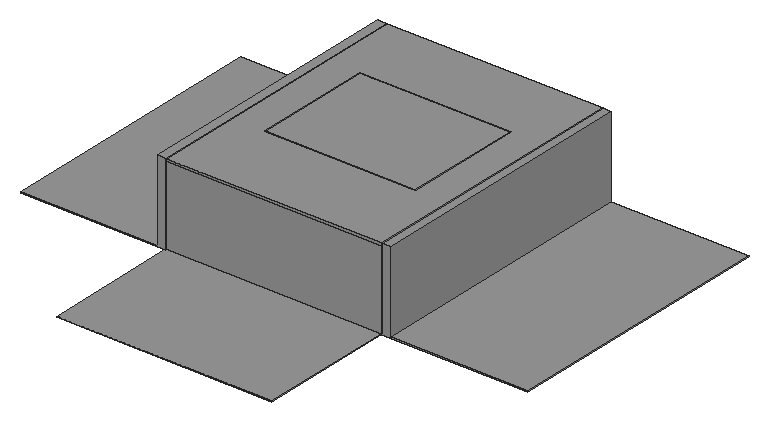
Revit family "OKA-G Anbaueinheit für GES6, Höhe 40-140mm", category Generic Models, Revit 2015
Parameters (values of type "OKA-G A 401406")
  Width = 400 mm
  URL = "http://www.obo-bettermann.com"
  Material = Steel, Galvanized
  Manufacturer Art. No. = "7424004"
  Manufacturer = "OBO Bettermann"
  Length = 473 mm
  HeightCalc [instance] = if(Height < 40 mm, 40 mm, (if(Height > 140 mm, 140 mm, Height)))  # 140 mm
  Height [instance] = 500 mm
  GTIN = "4012195242949"
  Article Type = "OKA-G40040140"
Reference planes
  plane 1 "Center (Front/Back)": y = 0
  plane 2: z = 0
  plane 3 "Center (Left/Right)": x = 0
  plane 4: z = 140
  plane 5: y = -473
  plane 6: x = 200
  plane 7: x = -200
Forms (mm)
  Extrusion 1, solid, material "Aluminum 6061"
    sketch origin (0, 0, 0) x (1, 0, 0) y (0, 0, 1)
      loop
        line (185, 140) -> (185, 0) -> (435, 0) -> (435, 1) -> (200, 1) -> (200, 140) -> (185, 140)
      loop
        line (-200, 1) -> (-435, 1) -> (-435, 0) -> (-185, 0) -> (-185, 140) -> (-200, 140) -> (-200, 1)
    from 0 to 473
  Extrusion 2, solid, material "Steel, Galvanized" <- "Material"
    sketch origin (0, 0, 0) x (1, 0, 0) y (0, 0, 1)
      loop
        line (185, 136) -> (185, 140) -> (-185, 140) -> (-185, 136) -> (185, 136)
    from 0 to 473
  Extrusion 3, solid, material "Aluminum 6061"
    sketch origin (0, 0, 0) x (0, 1, 0) y (0, 0, 1)
      loop
        line (-473, 136) -> (-473, 1) -> (-708, 1) -> (-708, 0) -> (-458, 0) -> (-458, 136) -> (-473, 136)
    from -185 to 185
  Extrusion 4, void
    sketch origin (0, 0, 0) x (1, 0, 0) y (0, 1, 0)
      loop
        line (-129.1, -127.5) -> (-129.1, -331.5) -> (129.1, -331.5) -> (129.1, -127.5) -> (-129.1, -127.5)
    from 0 to 250
  Extrusion 5, solid, material "Steel, Galvanized"
    sketch origin (0, 0, 0) x (1, 0, 0) y (0, 1, 0)
      loop
        line (-129.1, -127.5) -> (-129.1, -331.5) -> (129.1, -331.5) -> (129.1, -127.5) -> (-129.1, -127.5)
    from 136 to 140
Cuts and joins
  Extrusion 4 cuts Extrusion 2
Lines and regions (mm)
  model lines
    curve 1: line (-200, 0, 140) -> (-185, 0, 140)
    curve 2: line (-185, 0, 140) -> (-185, 0, 0)
    curve 3: line (-185, 0, 0) -> (-435, 0, 0)
    curve 4: line (-435, 0, 0) -> (-435, 0, 1)
    curve 5: line (-435, 0, 1) -> (-200, 0, 1)
    curve 6: line (-200, 0, 1) -> (-200, 0, 140)
    curve 7: line (185, 0, 140) -> (185, 0, 0)
    curve 8: line (185, 0, 0) -> (435, 0, 0)
    curve 9: line (435, 0, 0) -> (435, 0, 1)
    curve 10: line (435, 0, 1) -> (200, 0, 1)
    curve 11: line (200, 0, 1) -> (200, 0, 140)
    curve 12: line (200, 0, 140) -> (185, 0, 140)
    curve 13: line (185, 0, 140) -> (185, 0, 0)
    curve 14: line (-185, 0, 0) -> (-185, 0, 140)
    curve 15: line (-185, 0, 140) -> (185, 0, 140)
    curve 16: line (-185, 0, 136) -> (185, 0, 136)
Dimensions and locks
  locked: curve 5 to curve 3 at 1
  locked: curve 2 to curve 6 at 15
  locked: curve 10 to curve 8 at 1
  locked: curve 2 to curve 4 at 250
  locked: curve 9 to curve 7 at 250
  locked: curve 11 to curve 7 at 15
  "Length": plane 1 "Center (Front/Back)" to plane 5
  equal spacing: plane 7, plane 3 "Center (Left/Right)", plane 6
  "Width": plane 7 to plane 6
  "HeightCalc": level to plane 4
  locked: curve 16 to curve 15 at 4
  Extrusion 3 sketch curve to Extrusion 1 = 15 mm
  locked: Extrusion 3 sketch curve to Extrusion 3 sketch curve at 250
  locked: Extrusion 3 sketch curve to Extrusion 3 sketch curve at 1
  locked: Extrusion 4 sketch curve to Extrusion 4 sketch curve at 258.2
  equal spacing: Extrusion 4 sketch curve, plane 3 "Center (Left/Right)", Extrusion 4 sketch curve, locked at 129.1 each
  locked: Extrusion 4 sketch curve to Extrusion 4 sketch curve at 204
  locked: Extrusion 4 sketch curve to cut or joined group of Extrusion 2, Extrusion 4 at 127.5
  aligned and locked: level to plane 2
  aligned and locked: level to curve 3
  aligned and locked: curve 6 to plane 7
  aligned and locked: curve 11 to plane 6
  aligned and locked: plane 4 to curve 1
  aligned and locked: curve 8 to level
  aligned and locked: Extrusion 1 sketch curve to curve 13
  aligned and locked: Extrusion 1 sketch curve to curve 12
  aligned and locked: Extrusion 1 sketch curve to curve 11
  aligned and locked: Extrusion 1 sketch curve to curve 10
  aligned and locked: Extrusion 1 sketch curve to curve 9
  aligned and locked: Extrusion 1 sketch curve to curve 8
  aligned and locked: Extrusion 1 sketch curve to curve 6
  aligned and locked: Extrusion 1 sketch curve to curve 14
  aligned and locked: Extrusion 1 sketch curve to curve 1
  aligned and locked: Extrusion 1 sketch curve to curve 5
  aligned and locked: Extrusion 1 sketch curve to curve 3
  aligned and locked: Extrusion 1 sketch curve to curve 4
  aligned and locked: Extrusion 1 to plane 5
  aligned and locked: Extrusion 2 sketch curve to curve 16
  aligned and locked: Extrusion 2 sketch curve to curve 15
  aligned and locked: Extrusion 2 sketch curve to curve 2
  aligned and locked: Extrusion 2 sketch curve to curve 7
  aligned and locked: Extrusion 2 to plane 5
  aligned and locked: level to Extrusion 3 sketch curve
  aligned and locked: Extrusion 3 sketch curve to plane 5
  aligned and locked: Extrusion 3 to curve 1
  aligned and locked: Extrusion 3 to Extrusion 1
  aligned and locked: Extrusion 3 to Extrusion 2
  aligned and locked: Extrusion 5 sketch curve to cut or joined group of Extrusion 2, Extrusion 4  (x4)
  aligned and locked: curve 16 to Extrusion 5
  aligned and locked: Extrusion 5 to curve 1
Automatic sketch dimensions
  Extrusion 3 sketch curve to plane 4 = 4 mm
